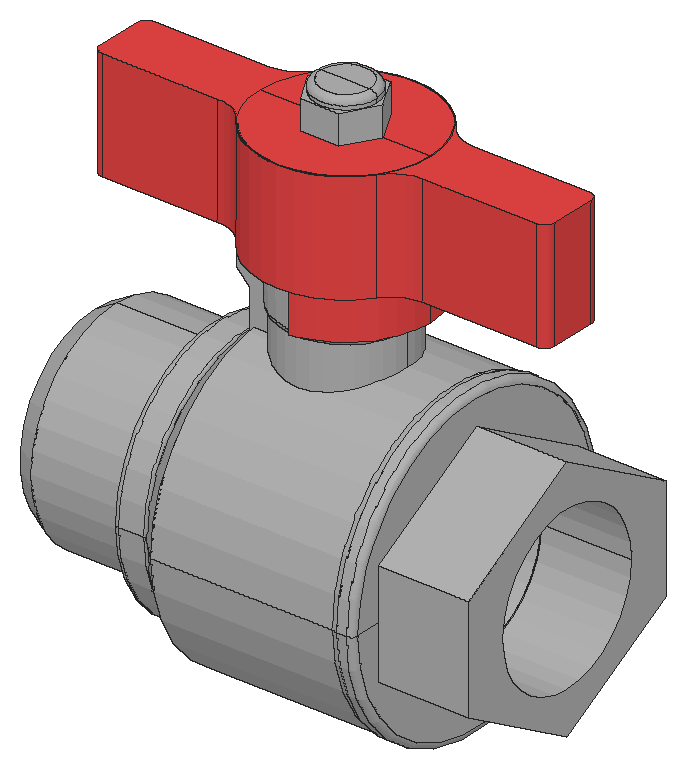
Revit family "QA06200000", category Apparecchi idraulici, Revit 2016
Family settings
  Tipo di parte = Normale
  Quota connettore circolare = Usa diametro
  Numero OmniClass = 23.45.00.00
  Titolo OmniClass = Sanitary, Laundry, and Cleaning Equipment
  Basato su piano di lavoro = No
  Sempre verticale = Sì
  Taglio con vuoti quando caricato = No
  Condiviso = No
  Punto di calcolo locali = No
Parameters
  URL = "https://web.cimberio.it/index.php/figura/307?subcategoria_id=42417"
  DN Model [instance] = QA06201025 : QA06201025
  DN [instance] = 25 mm
Reference planes
  plane 1 "Centro (Fronte/Retro)": y = 0
  plane 2: z = 0
  plane 3 "Centro (Sinistra/Destra)": x = 0
Dimensions and locks
  aligned and locked: level to plane 2
Nested families
  nested 1: "QA06201025" at (0, 0, 0), type <- "DN Model", type "QA06201025"
  nested 2: "QA06201025" at (0, 0, 0), type <- "DN Model", type "QA06201025"
  nested 3: "QA06201025" at (0, 0, 0), type <- "DN Model", type "QA06201025"
  nested 4: "QA06201025" at (0, 0, 0), type <- "DN Model", type "QA06201025"
  nested 5: "QA06201025" at (0, 0, 0), type <- "DN Model", type "QA06201025"
  nested 6: "QA06201025" at (0, 0, 0), type <- "DN Model", type "QA06201025"
  nested 7: "QA06201025" at (0, 0, 0), type <- "DN Model", type "QA06201025"
  nested 8: "QA06201025" at (0, 0, 0), type <- "DN Model", type "QA06201025"
Connectors
  piping at (34.099, 0, 0), diameter 25, driven by "DN"
    settings: on nested 1, index 1, connector inside diameter 609.6 mm, connector length 0 mm, flow factor 0, pipe flow 0.0 L/s, pressure drop 0.0 Pa, fitting loss kfactor 0, connector angle 0.00°, fixture units 0, engagement length 0 mm, angle of deflection 0.00°, flow configuration 0, flow direction 0, fitting loss method 0, system type 7, joint type 0, gender type 0, connector reference index -1, connector utility 0, adjustable connector no, is connector primary yes, connector description ""
  piping at (-38.501, 0, 0), diameter 25, driven by "DN"
    settings: on nested 1, index 2, connector inside diameter 609.6 mm, connector length 0 mm, flow factor 0, pipe flow 0.0 L/s, pressure drop 0.0 Pa, fitting loss kfactor 0, connector angle 0.00°, fixture units 0, engagement length 0 mm, angle of deflection 0.00°, flow configuration 0, flow direction 0, fitting loss method 0, system type 7, joint type 0, gender type 0, connector reference index -1, connector utility 0, adjustable connector no, is connector primary no, connector description ""
Definition of nested family "QA06201025"
  Reference planes
    plane 1 "Centro (Fronte/Retro)": y = 0
    plane 2: z = 0
    plane 3 "Centro (Sinistra/Destra)": x = 0
  Forms (mm)
    Revolve 1, solid
      sketch origin (0, 0, 0) x (0, 1, 0) y (-1, 0, 0)
        loop
          line (12.5, 20) -> (12.5, -20.1) -> (22.75, -20.1)
          arc (22.75, -20.1) -> (23.457, -19.807) -> (23.75, -19.1) r 1
          line (23.75, -19.1) -> (23.75, -17.6) -> (23.5, -16.667) -> (23.5, 11.25) -> (20.334, 14.416)
          arc (20.334, 14.416) -> (20.087, 14.786) -> (20, 15.222) r 1.139
          line (20, 15.222) -> (20, 18.999)
          arc (20, 18.999) -> (19.707, 19.707) -> (18.999, 20) r 1.001
          line (18.999, 20) -> (12.5, 20)
        axis (0, 20) -> (0, -20.1)
      angle from 0 to 360
    Revolve 2, solid
      sketch origin (0, 0, 0) x (1, 0, 0) y (0, 0, 1)
        loop
          line (0, 53.8) -> (-13.1, 53.8) -> (-13.1, 30.847) -> (-9.6, 30.847) -> (-9.6, 45.453) -> (0, 45.453) -> (0, 53.8)
        axis (0, 30.847) -> (0, 53.8)
      angle from 0 to 360
    Extrusion 3, void
      sketch origin (0, 0, 58.3) x (-1, 0, 0) y (0, 1, 0)
        loop
          line (17.996, 0) -> (6.069, 0)
          arc (6.069, 0) -> (3.81, -6.082) -> (-1.6, -9.664) r 10.467
          line (-1.6, -9.664) -> (-1.6, -18.578)
          arc (-1.6, -18.578) -> (15.234, -16.711) -> (17.996, 0) r 14.025
      from 17.5 to 31.018
    Revolve 4, solid
      sketch origin (0, 0, 0) x (1, 0, 0) y (0, 0, 1)
        loop
          line (-10.178, 42.039) -> (-9.887, 29.366)
          arc (-9.887, 29.366) -> (-9.746, 28.868) -> (-9.381, 28.5) r 1.035
          line (-9.381, 28.5) -> (-9.381, 21.347) -> (0.059, 21.347) -> (0.059, 42.039) -> (-10.178, 42.039)
        axis (0.059, 42.039) -> (0.059, 21.347)
      angle from 0 to 360
    Revolve 5, solid
      sketch origin (11.9, 0, 0) x (-1, 0, 0) y (0, 0, -1)
        loop
          line (31.9, -12.5) -> (31.9, -16.475) -> (47.201, -16.475) -> (50.401, -14.627) -> (50.401, -12.5) -> (31.9, -12.5)
        axis (50.401, 0) -> (31.9, 0)
      angle from 0 to 360
    Extrusion 6, solid
      sketch origin (0, 0, 0) x (1, 0, 0) y (0, 0, 1)
        loop
          line (-8.817, 34.3) -> (-14, 34.3) -> (-14, 30.5) -> (-12, 28.5) -> (-12, 21.49) -> (-8.817, 21.49) -> (-8.817, 34.3)
      from 0 to 3.5
    Extrusion 7, solid
      sketch origin (0, 0, 58.3) x (0, 1, 0) y (-1, 0, 0)
        loop
          arc (5, 33.5) -> (4.561, 34.561) -> (3.5, 35) r 1.5
          line (3.5, 35) -> (-3.5, 35)
          arc (-3.5, 35) -> (-4.561, 34.561) -> (-5, 33.5) r 1.5
          line (-5, 33.5) -> (-5, 15.798)
          arc (-5, 15.798) -> (-5.682, 13.02) -> (-7.571, 10.874) r 6
          arc (-7.571, 10.874) -> (-13.25, 0) -> (-7.571, -10.874) r 13.25
          arc (-7.571, -10.874) -> (-5.682, -13.02) -> (-5, -15.798) r 6
          line (-5, -15.798) -> (-5, -33.5)
          arc (-5, -33.5) -> (-4.561, -34.561) -> (-3.5, -35) r 1.5
          line (-3.5, -35) -> (3.5, -35)
          arc (3.5, -35) -> (4.561, -34.561) -> (5, -33.5) r 1.5
          line (5, -33.5) -> (5, -15.798)
          arc (5, -15.798) -> (5.682, -13.02) -> (7.571, -10.874) r 6
          arc (7.571, -10.874) -> (13.25, 0) -> (7.571, 10.874) r 13.25
          arc (7.571, 10.874) -> (5.682, 13.02) -> (5, 15.798) r 6
          line (5, 15.798) -> (5, 33.5)
        loop
          line (0, 5.775) -> (-5.001, 2.888) -> (-5.001, -2.888) -> (0, -5.775) -> (5.001, -2.888) -> (5.001, 2.888) -> (0, 5.775)
      from -21.5 to -4.5
    Extrusion 8, solid
      sketch origin (0, 0, 58.3) x (0, 1, 0) y (-1, 0, 0)
        loop
          line (5.001, 2.888) -> (0, 5.775) -> (-5.001, 2.888) -> (-5.001, -2.888) -> (0, -5.775) -> (5.001, -2.888) -> (5.001, 2.888)
      from -4.5 to 0
    Revolve 9, solid
      sketch origin (0, 0, 0) x (1, 0, 0) y (0, 0, 1)
        loop
          line (0, 59.8) -> (0, 57.752) -> (4.75, 57.752) -> (4.75, 58.8)
          arc (4.75, 58.8) -> (4.457, 59.507) -> (3.751, 59.8) r 1
          line (3.751, 59.8) -> (0, 59.8)
        axis (0, 59.8) -> (0, 57.752)
      angle from 0 to 360
    Extrusion 10, solid
      sketch origin (0, 0, 0) x (0, 1, 0) y (0, 0, 1)
        loop
          circle (0, 0) r 12.5
        loop
          line (0, 19) -> (-19, 8.03) -> (-19, -8.03) -> (0, -19) -> (19, -8.03) -> (19, 8.03) -> (0, 19)
      from 20.1 to 34.099
  Cuts and joins
    Extrusion 3 cuts Revolve 2
  Dimensions and locks
    aligned and locked: level to plane 2
